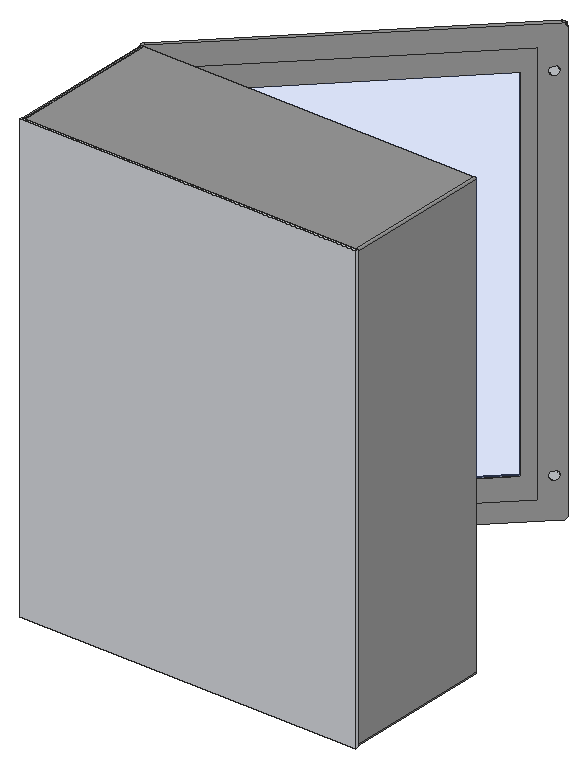
Revit family "Building-ContenitoriParete-GEWISS-46QP-QUADRI-POLIESTERE_PORTA_OBLO_IP66", category Attrezzatura elettrica, host Muro, Revit 2016
Family settings
  Host = Muro
  Configurazione quadro = Due colonne, circuiti in orizzontale
  Tipo di parte = Pannello comandi
  Quota connettore circolare = Usa diametro
  Numero OmniClass = 23.80.30.11.17
  Titolo OmniClass = Distribution Boards and Control Panels
  Sempre verticale = Sì
  Taglio con vuoti quando caricato = No
  Condiviso = No
  Punto di calcolo locali = Sì
Parameters (values of type "GW46207F - QUADRO QP POLIEST.TRASP 800X1060X350 IP66")
  Voltaggio = no
  Voltage = 0 V
  Vista di pianta [instance] = yes
  Vetro = GEWISS - VETRO
  Versione file RFA = "18.0"
  URL = "https://www.gewiss.com/it/it"
  Tipologia porta = "Porta trasparente"
  Tipo Materiale = "Halogen free secondo norma EN 60754-2"
  Termopressione con biglia = "200 °C"
  Tensione nominale massima di impiego (Ue) = "690V"
  Tensione nominale di isolamento (Ui) = "1000 V"
  Tensione di isolamento: = "1000 V secondo EN 62208 sia in ac che in dc"
  Tensione di isolamento = "1000V"
  Temperatura di impiego = "-25 +60 °C"
  Struttura quadro = GEWISS - GRIGIO RAL 7035
  Staffe per fissaggio a parete = "GW46446-GW46451"
  Sportello visibile [instance] = yes
  Spessore quadro = 350 mm
  Simbolo [instance] = yes
  Scheda Tecnica = "https://www.gewiss.com/it/it/search?q=GW46207F"
  SEO = "Quadro"
  Resistenza agli urti = "Cassa IK10"
  Produttore = "GEWISS S.p.A."
  Potenza dissipabile B (W) = "226"
  Potenza dissipabile A (W) = "324"
  Potenza dissipabile (W) = "226"
  Pannello = GEWISS - GRIGIO RAL 7035
  Offset etichetta nome quadro [instance] = 1330.318 mm
  Numero poli = 1
  Normativa = "EN 61439-1, EN 61439-2, EN62208, EN 60670-1, IEC 60670-24"
  N. serrature = "2"
  N. mod. EN 50022: = "180 (36x5)"
  N. mod. EN 50022 = "180 (36x5)"
  Modello = "GW46207F"
  Materiale = "Poliestere rinforzato con fibra di vetro"
  Larghezza quadro = 800 mm
  Kit per ripristino doppio isolamento = "GW46526"
  Immagine tipo = 46 OBLò.JPG
  IFC.TypeObject = ""
  IFC.ExportType = ""
  IFC.ExportAs = ""
  IDT = "7e35b214-ea7b-432e-a143-ac9dd760c749"
  IDF = "4dc2b077-9336-4418-8e2b-bff797ed948e"
  H_quadro = 1060 mm
  H_da terra [instance] = 500 mm
  Grado di protezione = "IP66"
  Glow Wire Test = "650°C"
  GEWISS SCHEDA TECNICA = "http://pro.gewiss.com/irj/portal/?NavigationTarget=pcd:portal_content/com.gewiss.ZPPFDMain/com.gewiss.ZPPFDITMain/com.gewiss.ZPPFDITMainDefault/com.gewiss.ZPPFDITPages/com.gewiss.ZPPFDITPagesAP/com.gewiss.ZPPFDITPagesAPCatalogo/com.gewiss.ZPPPDITAPProductDetail&codProd=GW46207"
  GW - NOME QUADRO [instance] = "NOME QUADRO"
  GEWISS - GUAINA = GEWISS - GUAINA
  Fast & Easy = "Si"
  Famiglia = "46 QP"
  Etichetta nome quadro [instance] = yes
  Distanza_fori = 100 mm
  Distanza orizzontale del simbolo [instance] = 947.222 mm
  Distanza dal muro [instance] = 4.208 mm
  Dim. nominali BxHxP (mm) = "800x1060x350"
  Dim. funzionali BxHxP (mm) = "783x1066x350"
  Dettaglio = DETTAGLIO QUADRI IN POLIESTERE OBLO : GW46207
  Descrizione = "QUADRO QP POLIEST.TRASP 800X1060X350 IP66"
  Creato da GEWISS S.p.A. = ""
  Cornice simbolo [instance] = yes
  Colore = "Grigio RAL 7035"
  Codice Electrocod = "0321"
  Codice EAN = "8011564854840"
  Classificazione carico = Altro
  Classificazione = no
  Classe isolamento = "II"
  Catalogo Serie = "46 QP"
  Catalogo = "BUILDING"
  Carico apparente = no
  Carico Apparente = 0 VA
  Caratteristiche = "Resistenza UV (EN 62208)"
  COBie.Tagnumber = ""
  COBie.CreatedOn = ""
  COBie.CreatebBy = ""
  COBie.ComponentRegisterItemID = ""
  COBie.Component.TagNumber = ""
  COBie.Component.Space = ""
  COBie.Component.SerialNumber = ""
  COBie.Component.InstallationDate = ""
  COBie.Component.Description = ""
  COBie.Component.BarCode = ""
  Apertura quadro [instance] = 45.00°
  Angolo di apertura reale [instance] = if(Apertura quadro < 0.00°, 0.00°, if(Apertura quadro > 180.00°, 180.00°, Apertura quadro))  # 45.00°
Reference planes
  plane 1 "Muro": y = 0
  plane 2 "Centro (Sinistra/Destra)": x = 125
  plane 3 "Indietro": y = 75
  plane 4 "SX": x = 0
  plane 5 "DX": x = 800
  plane 6: y = 431
  plane 7 "Base quadro": z = 500
  plane 8: z = 1560
  plane 9: y = 81
  plane 10: z = 1510
  plane 11: z = 550
  plane 12: z = 1030
  plane 13: x = -822.222
  plane 14: y = 1405.318
Forms (mm)
  Extrusion 1, solid, material "GEWISS - GRIGIO RAL 7035" <- "Struttura quadro"
    sketch origin (0, 0, 0) x (1, 0, 0) y (0, 0, 1)
      loop
        line (795.201, 1560) -> (4.799, 1560)
        arc (4.799, 1560) -> (1.406, 1558.594) -> (0, 1555.201) r 4.799
        line (0, 1555.201) -> (0, 504.799)
        arc (0, 504.799) -> (1.405, 501.405) -> (4.799, 500) r 4.799
        line (4.799, 500) -> (795.201, 500)
        arc (795.201, 500) -> (798.594, 501.406) -> (800, 504.799) r 4.799
        line (800, 504.799) -> (800, 1555.201)
        arc (800, 1555.201) -> (798.594, 1558.594) -> (795.201, 1560) r 4.799
      loop
        line (795.201, 1556) -> (4.799, 1556)
        arc (4.799, 1556) -> (4.234, 1555.766) -> (4, 1555.201) r 0.799
        line (4, 1555.201) -> (4, 504.799)
        arc (4, 504.799) -> (4.234, 504.234) -> (4.799, 504) r 0.799
        line (4.799, 504) -> (795.201, 504)
        arc (795.201, 504) -> (795.766, 504.234) -> (796, 504.799) r 0.799
        line (796, 504.799) -> (796, 1555.201)
        arc (796, 1555.201) -> (795.766, 1555.766) -> (795.201, 1556) r 0.799
    from -431 to -81
  Extrusion 2, solid
    sketch origin (0, 0, 0) x (1, 0, 0) y (0, 0, 1)
      loop
        line (800, 1560) -> (0, 1560) -> (0, 500) -> (800, 500) -> (800, 1560)
    from -81 to -75
Lines and regions (mm)
  Masking region 1, visible <- "Vista di pianta"
    outline origin (0, 431, 0) x (0.707107, 0.707107, 0) y (-0.707107, 0.707107, 0)
      loop
        line (0, 0) -> (-251.73, -251.73) -> (313.955, -817.415) -> (565.685, -565.685) -> (0, 0)
  Masking region 2
    outline origin (125, 0, 0) x (0, 1, 0) y (0, 0, 1)
      loop
        line (75, 500) -> (431, 500) -> (431, 1560) -> (75, 1560) -> (75, 500)
  reference lines
    curve 1: line (0, 431, 0) -> (282.843, 713.843, 0)
Text (mm)
  text "Lato posizionamento" at (-2540.362, 1733.729, 0), in view "Livello rif."
  text "Lato posizionamento" at (0, 1409.804, 2854.306), in view "Sinistra"
  text "Lato posizionamento" at (0, 499.811, 2980.732), in view "Destra"
Dimensions and locks
  locked: plane 3 "Indietro" to host wall
  "H_da terra": level to plane 7 "Base quadro"
  "H_quadro": plane 7 "Base quadro" to plane 8
  locked: Extrusion 1 sketch curve to Extrusion 1 sketch curve at 4  (x4)
  locked: plane 9 to host wall at 6
  "Spessore quadro": plane 6 to plane 9
  locked: plane 10 to plane 8 at 50
  locked: plane 7 "Base quadro" to plane 11 at 50
  equal spacing: plane 7 "Base quadro", plane 12, plane 8
  "Larghezza quadro": plane 4 "SX" to plane 5 "DX"
  "Distanza orizzontale del simbolo": plane 13 to plane 2 "Centro (Sinistra/Destra)"
  "Offset etichetta nome quadro": plane 14 to plane 3 "Indietro"
  "Apertura quadro": angle plane 6 to curve 1
  aligned and locked: plane 1 "Muro" to host wall
  aligned and locked: plane 8 to Extrusion 1 sketch curve
  aligned and locked: plane 5 "DX" to Extrusion 1 sketch curve
  aligned and locked: Extrusion 1 sketch curve to plane 4 "SX"
  aligned and locked: plane 6 to Extrusion 1
  aligned and locked: Extrusion 1 to plane 9
  aligned and locked: plane 4 "SX" to Extrusion 2 sketch curve
  aligned and locked: plane 7 "Base quadro" to Extrusion 2 sketch curve
  aligned and locked: Extrusion 2 sketch curve to plane 5 "DX"
  aligned and locked: Extrusion 2 sketch curve to plane 8
  aligned and locked: plane 9 to Extrusion 2
  aligned and locked: Extrusion 2 to host wall
  aligned and locked: plane 6 to curve 1
  aligned and locked: plane 7 "Base quadro" to Extrusion 1 sketch curve
  aligned and locked: plane 12 to nested 2
  aligned and locked: nested 2 to plane 5 "DX"
  aligned and locked: Masking region 1 sketch curve to plane 6
  aligned and locked: Masking region 1 sketch curve to plane 5 "DX"
  aligned and locked: plane 4 "SX" to Masking region 1 sketch curve
  aligned and locked: Masking region 1 sketch curve to plane 3 "Indietro"
  aligned and locked: plane 13 to nested 3
  aligned and locked: plane 14 to nested 4
  aligned and locked: Masking region 2 sketch curve to Extrusion 2  (x2)
  aligned and locked: Masking region 2 sketch curve to Extrusion 1  (x2)
Automatic sketch dimensions
  Extrusion 1 sketch curve to Extrusion 1 sketch curve = 0 mm  (x6)
  Extrusion 1 sketch curve to Extrusion 1 sketch curve = 0.799 mm  (x4)
  curve 1 to plane 4 "SX" = 0 mm
Nested families
  nested 1: "GEWISS - Pannello OBLO'" at (88.416, 519.416, 0) x (0.7071, 0.7071, 0) z (0, 0, 1), visible <- "Sportello visibile", type "GEWISS - Pannello OBLO'"
    with Larghezza pannello 800 mm, H_pannello 1060 mm
  nested 2: "DETTAGLIO QUADRI IN POLIESTERE OBLO" at (800, 0, 1030) x (-1, 0, 0) z (0, -1, 0), type <- "Dettaglio", type "GW46207"
  nested 3: "QUADRILAN" at (-822.222, 75, 0), Distanza dal muro <- "Distanza dal muro", BORDO ACCESO <- "Cornice simbolo", SIMBOLO ACCESO <- "Simbolo", type "QUADRILAN"
    with SIMBOLO ACCESO yes, Distanza dal muro 4.208 mm, BORDO ACCESO yes
  nested 4: "NOME QUADRO" at (316.741, 1405.318, 0), TXT <- "GW - NOME QUADRO", visible <- "Etichetta nome quadro", type "NOME QUADRO"
    with TXT "NOME QUADRO"
Connectors
  electrical at (400, 253, 0), driven by "Numero poli", driven by "Classificazione carico", driven by "Voltage", driven by "Carico Apparente"
    settings: on Masking region 1, index 1, voltage 0 V, apparent load 0 VA, apparent load phase1 0 VA, apparent load phase2 0 VA, apparent load phase3 0 VA, power factor 1, load classification "Altro", number of poles 1, system type 31, power factor state 1, is connector primary yes, connector utility no, sub classification motor no, connector description ""
Definition of nested family "GEWISS - Pannello OBLO'"
  Parameters (values of type "GEWISS - Pannello OBLO'")
    Vetro = none
    Default Elevation = 1219.2 mm
    Pannello = none
    Larghezza pannello = 585 mm
    H_pannello = 800 mm
    H_da terra = 500 mm
    Guaina = none
  Reference planes
    plane 1 "Centro (Fronte/Retro)": y = 0
    plane 2: z = 0
    plane 3 "Centro (Sinistra/Destra)": x = 0
    plane 4: x = -125
    plane 5: x = 460
    plane 6: y = 8
    plane 7: z = 1300
    plane 8: z = 1198.581
    plane 9: z = 596.581
    plane 10: x = 435
    plane 11: z = 500
    plane 12: x = -69.978
    plane 13: x = 402.022
    plane 14: z = 1248.581
    plane 15: z = 546.581
    plane 16: x = 372.022
    plane 17: x = -39.978
  Forms (mm)
    Extrusion 1, void
      sketch origin (0, 0, 0) x (1, 0, 0) y (0, 0, 1)
        loop
          circle (435, 1198.581) r 10
        loop
          circle (435, 596.581) r 10
      from -8 to 0
    Extrusion 2, solid, material <- "Pannello"
      sketch origin (0, 0, 0) x (1, 0, 0) y (0, 0, 1)
        loop
          arc (-115.38, 1300) -> (-121.899, 1297.384) -> (-125, 1291.081) r 9.814
          line (-125, 1291.081) -> (-125, 509.562)
          arc (-125, 509.562) -> (-122.127, 502.852) -> (-115.407, 500) r 9.781
          line (-115.407, 500) -> (450.415, 500)
          arc (450.415, 500) -> (457.129, 502.852) -> (460, 509.557) r 9.777
          line (460, 509.557) -> (460, 1290.935)
          arc (460, 1290.935) -> (456.943, 1297.334) -> (450.373, 1300) r 9.809
          line (450.373, 1300) -> (-115.38, 1300)
        loop
          line (-69.978, 546.581) -> (402.022, 546.581) -> (402.022, 1248.581) -> (-69.978, 1248.581) -> (-69.978, 546.581)
      from -8 to 0
    Extrusion 3, solid
      sketch origin (0, 0, 0) x (1, 0, 0) y (0, 0, 1)
        loop
          circle (435, 1198.581) r 10
        loop
          circle (435, 596.581) r 10
      from -11.061 to 0
    Extrusion 4, solid, material <- "Vetro"
      sketch origin (0, 0, 0) x (1, 0, 0) y (0, 0, 1)
        loop
          line (-39.978, 596.581) -> (372.022, 596.581) -> (372.022, 1198.581) -> (-39.978, 1198.581) -> (-39.978, 596.581)
      from -8 to 0
    Extrusion 5, solid, material <- "Guaina"
      sketch origin (0, 0, 0) x (1, 0, 0) y (0, 0, 1)
        loop
          line (-69.978, 1248.581) -> (-69.978, 546.581) -> (402.022, 546.581) -> (402.022, 1248.581) -> (-69.978, 1248.581)
        loop
          line (-39.978, 1198.581) -> (-39.978, 596.581) -> (372.022, 596.581) -> (372.022, 1198.581) -> (-39.978, 1198.581)
      from -8 to 0
  Cuts and joins
    Extrusion 1 cuts Extrusion 2
  Dimensions and locks
    locked: plane 1 "Centro (Fronte/Retro)" to plane 6 at 8
    locked: plane 5 to plane 10 at 25
    "H_pannello": plane 7 to plane 11
    "H_da terra": plane 11 to plane 2
    "Larghezza pannello": plane 4 to plane 5
    locked: plane 7 to plane 14 at 51.419
    locked: plane 15 to plane 11 at 46.581
    locked: plane 12 to plane 4 at 55.022
    locked: plane 5 to plane 13 at 57.978
    locked: Extrusion 3 to plane 6 at 3.061
    plane 14 to plane 8 = 50 mm
    locked: plane 17 to plane 12 at 30
    locked: plane 13 to plane 16 at 30
    locked: plane 9 to plane 15 at 50
    aligned and locked: level to plane 2
    aligned and locked: plane 8 to Extrusion 1 sketch curve
    aligned and locked: plane 10 to Extrusion 1 sketch curve  (x2)
    aligned and locked: plane 9 to Extrusion 1 sketch curve
    aligned and locked: plane 6 to Extrusion 1
    aligned and locked: plane 1 "Centro (Fronte/Retro)" to Extrusion 1
    aligned and locked: Extrusion 2 sketch curve to plane 4
    aligned and locked: Extrusion 2 sketch curve to plane 7
    aligned and locked: Extrusion 2 sketch curve to plane 5
    aligned and locked: Extrusion 2 sketch curve to plane 11
    aligned and locked: plane 6 to Extrusion 2
    aligned and locked: plane 1 "Centro (Fronte/Retro)" to Extrusion 2
    aligned and locked: plane 12 to Extrusion 2
    aligned and locked: Extrusion 2 to plane 13
    aligned and locked: Extrusion 2 to plane 14
    aligned and locked: Extrusion 2 to plane 15
    aligned and locked: plane 8 to Extrusion 3 sketch curve
    aligned and locked: plane 10 to Extrusion 3 sketch curve  (x2)
    aligned and locked: plane 9 to Extrusion 3 sketch curve
    aligned and locked: plane 1 "Centro (Fronte/Retro)" to Extrusion 3
    aligned and locked: plane 6 to Extrusion 4
    aligned and locked: plane 1 "Centro (Fronte/Retro)" to Extrusion 4
    aligned and locked: Extrusion 5 sketch curve to cut or joined group of Extrusion 1, Extrusion 2  (x4)
    aligned and locked: Extrusion 5 sketch curve to plane 8
    aligned and locked: plane 17 to Extrusion 5 sketch curve
    aligned and locked: plane 9 to Extrusion 5 sketch curve
    aligned and locked: Extrusion 5 sketch curve to plane 16
    aligned and locked: plane 6 to Extrusion 5
    aligned and locked: plane 1 "Centro (Fronte/Retro)" to Extrusion 5
    aligned and locked: plane 17 to Extrusion 4 sketch curve
    aligned and locked: plane 9 to Extrusion 4 sketch curve
    aligned and locked: Extrusion 4 sketch curve to plane 16
    aligned and locked: Extrusion 4 sketch curve to plane 8
  Automatic sketch dimensions
    plane 4 to Extrusion 2 sketch curve = 9.593 mm
    plane 4 to Extrusion 2 sketch curve = 9.62 mm
    plane 4 to Extrusion 2 sketch curve = 9.773 mm
    plane 4 to Extrusion 2 sketch curve = 9.779 mm
    Extrusion 2 sketch curve to plane 5 = 9.781 mm
    Extrusion 2 sketch curve to plane 5 = 9.774 mm
    Extrusion 2 sketch curve to plane 5 = 9.627 mm
    Extrusion 2 sketch curve to plane 5 = 9.585 mm
    plane 11 to Extrusion 2 sketch curve = 9.557 mm
    plane 11 to Extrusion 2 sketch curve = 9.562 mm
    Extrusion 2 sketch curve to Extrusion 2 sketch curve = 9.812 mm
    Extrusion 2 sketch curve to Extrusion 2 sketch curve = 9.808 mm
    Extrusion 2 sketch curve to plane 14 = 0 mm
    Extrusion 2 sketch curve to plane 12 = 0 mm
    Extrusion 2 sketch curve to plane 13 = 0 mm
    Extrusion 2 sketch curve to plane 15 = 0 mm
    radius of Extrusion 1 sketch curve = 10 mm  (x2)
    radius of Extrusion 3 sketch curve = 10 mm  (x2)
Definition of nested family "DETTAGLIO QUADRI IN POLIESTERE OBLO"
  Parameters (values of type "GW46207")
    gw46202 = no
    GW46207 = yes
    GW46206 = no
    GW46205 = no
    GW46204 = no
    GW46203 = no
    GW46201 = no
  Types (7, lengths in mm): name | gw46202 | GW46207 | GW46206 | GW46205 | GW46204 | GW46203 | GW46201
    GW46201 | no | no | no | no | no | no | yes
    GW46202 | yes | no | no | no | no | no | no
    GW46203 | no | no | no | no | no | yes | no
    GW46204 | no | no | no | no | yes | no | no
    GW46205 | no | no | no | yes | no | no | no
    GW46206 | no | no | yes | no | no | no | no
    GW46207 | no | yes | no | no | no | no | no
  Reference planes
    plane 1 "Centro (Fronte/Retro)": y = 0
    plane 2: z = 0
    plane 3 "Centro (Sinistra/Destra)": x = 0
  Lines and regions (mm)
    detail lines, in view "Livello rif.", visible <- "gw46202"
      curve 1: line (313, -201.674, 0) -> (0, -201.674, 0)
      curve 2: line (0, -201.674, 0) -> (0, 201.674, 0)
      curve 3: line (0, 201.674, 0) -> (313, 201.674, 0)
      curve 4: line (313, 201.674, 0) -> (313, -201.674, 0)
      curve 5: line (313, -201.674, 0) -> (312.445, -205.793, 0)
      curve 6: line (312.445, -205.793, 0) -> (310.251, -209.251, 0)
      curve 7: line (310.251, -209.251, 0) -> (307.455, -211.178, 0)
      curve 8: line (307.455, -211.178, 0) -> (303.613, -212, 0)
      curve 9: line (303.613, -212, 0) -> (9.387, -212, 0)
      curve 10: line (313, 201.674, 0) -> (312.498, 205.7, 0)
      curve 11: line (312.498, 205.7, 0) -> (310.581, 208.905, 0)
      curve 12: line (310.581, 208.905, 0) -> (307.644, 211.084, 0)
      curve 13: line (307.644, 211.084, 0) -> (303.613, 212, 0)
      curve 14: line (303.613, 212, 0) -> (9.387, 212, 0)
      curve 15: line (9.387, 212, 0) -> (5.579, 211.187, 0)
      curve 16: line (5.579, 211.187, 0) -> (2.419, 208.905, 0)
      curve 17: line (2.419, 208.905, 0) -> (0.553, 205.839, 0)
      curve 18: line (0.553, 205.839, 0) -> (0, 201.674, 0)
      curve 19: line (0, -201.674, 0) -> (0.586, -205.878, 0)
      curve 20: line (0.586, -205.878, 0) -> (2.749, -209.251, 0)
      curve 21: line (2.749, -209.251, 0) -> (6.045, -211.385, 0)
      curve 22: line (6.045, -211.385, 0) -> (9.387, -212, 0)
      curve 23: line (112.177, 58.713, 0) -> (151.991, 102.249, 0)
      curve 24: line (115.336, 83.576, 0) -> (142.67, 113.464, 0)
      curve 25: line (98.227, 86.613, 0) -> (142.837, 135.393, 0)
      curve 26: line (165.333, -108.097, 0) -> (209.943, -59.317, 0)
      curve 27: line (179.283, -135.997, 0) -> (219.097, -92.46, 0)
      curve 28: line (182.442, -111.134, 0) -> (209.776, -81.245, 0)
      curve 29: line (110.549, -152.145, 0) -> (204.451, -152.145, 0)
      curve 30: line (241.493, -120.742, 0) -> (242, -114.596, 0)
      curve 31: line (242, -114.596, 0) -> (242, 120.306, 0)
      curve 32: line (204.451, 157.855, 0) -> (110.549, 157.855, 0)
      curve 33: line (73, 120.306, 0) -> (73, -114.596, 0)
      curve 34: arc (204.451, 157.855, 0) -> (231.002, 146.857, 0) -> (242, 120.306, 0) r 37.549
      curve 35: arc (110.549, 157.855, 0) -> (83.998, 146.857, 0) -> (73, 120.306, 0) r 37.549
      curve 36: arc (204.451, -152.145, 0) -> (231.002, -141.147, 0) -> (242, -114.596, 0) r 37.549
      curve 37: arc (110.549, -152.145, 0) -> (83.998, -141.147, 0) -> (73, -114.596, 0) r 37.549
      curve 42: line (156.5, -243.487, 0) -> (156.5, 245.423, 0)
      curve 43: line (0, 0, 0) -> (338.141, 0, 0)
    detail lines, in view "Livello rif.", visible <- "gw46202", detail levels medium+fine
      curve 38: circle (270.661, 110.653, 0) r 15.964 normal (0, 0, 1)
      curve 39: circle (270.661, 110.653, 0) r 7.802 normal (0, 0, 1)
      curve 40: circle (270.661, -123.146, 0) r 15.964 normal (0, 0, 1)
      curve 41: circle (270.661, -123.146, 0) r 7.802 normal (0, 0, 1)
    detail lines, in view "Livello rif.", visible <- "gw46202", not visible
      curve 44: line (893.732, -1238.492, 0) -> (580.732, -1238.492, 0)
      curve 45: line (580.732, -1238.492, 0) -> (580.732, -835.144, 0)
      curve 46: line (580.732, -835.144, 0) -> (893.732, -835.144, 0)
      curve 47: line (893.732, -835.144, 0) -> (893.732, -1238.492, 0)
      curve 48: line (893.732, -1238.492, 0) -> (893.176, -1242.611, 0)
      curve 49: line (893.176, -1242.611, 0) -> (890.982, -1246.068, 0)
      curve 50: line (890.982, -1246.068, 0) -> (888.187, -1247.995, 0)
      curve 51: line (888.187, -1247.995, 0) -> (884.344, -1248.818, 0)
      curve 52: line (884.344, -1248.818, 0) -> (590.119, -1248.818, 0)
      curve 53: line (893.732, -835.144, 0) -> (893.23, -831.118, 0)
      curve 54: line (893.23, -831.118, 0) -> (891.313, -827.913, 0)
      curve 55: line (891.313, -827.913, 0) -> (888.376, -825.734, 0)
      curve 56: line (888.376, -825.734, 0) -> (884.344, -824.818, 0)
      curve 57: line (884.344, -824.818, 0) -> (590.119, -824.818, 0)
      curve 58: line (590.119, -824.818, 0) -> (586.311, -825.631, 0)
      curve 59: line (586.311, -825.631, 0) -> (583.15, -827.913, 0)
      curve 60: line (583.15, -827.913, 0) -> (581.284, -830.978, 0)
      curve 61: line (581.284, -830.978, 0) -> (580.732, -835.144, 0)
      curve 62: line (580.732, -1238.492, 0) -> (581.318, -1242.695, 0)
      curve 63: line (581.318, -1242.695, 0) -> (583.481, -1246.068, 0)
      curve 64: line (583.481, -1246.068, 0) -> (586.776, -1248.202, 0)
      curve 65: line (586.776, -1248.202, 0) -> (590.119, -1248.818, 0)
      curve 66: line (692.909, -978.105, 0) -> (732.723, -934.569, 0)
      curve 67: line (696.068, -953.242, 0) -> (723.401, -923.354, 0)
      curve 68: line (678.959, -950.205, 0) -> (723.569, -901.425, 0)
      curve 69: line (746.064, -1144.914, 0) -> (790.674, -1096.134, 0)
      curve 70: line (760.014, -1172.814, 0) -> (799.829, -1129.278, 0)
      curve 71: line (763.174, -1147.951, 0) -> (790.507, -1118.063, 0)
      curve 72: line (691.281, -1188.963, 0) -> (785.182, -1188.963, 0)
      curve 73: line (822.225, -1157.56, 0) -> (822.732, -1151.413, 0)
      curve 74: line (822.732, -1151.413, 0) -> (822.732, -916.512, 0)
      curve 75: line (785.182, -878.963, 0) -> (691.281, -878.963, 0)
      curve 76: line (653.732, -916.512, 0) -> (653.732, -1151.413, 0)
      curve 77: arc (785.182, -878.963, 0) -> (811.734, -889.961, 0) -> (822.732, -916.512, 0) r 37.549
      curve 78: arc (691.281, -878.963, 0) -> (664.729, -889.961, 0) -> (653.732, -916.512, 0) r 37.549
      curve 79: arc (785.182, -1188.963, 0) -> (811.734, -1177.965, 0) -> (822.732, -1151.413, 0) r 37.549
      curve 80: arc (691.281, -1188.963, 0) -> (664.729, -1177.965, 0) -> (653.732, -1151.413, 0) r 37.549
      curve 85: line (737.232, -1280.304, 0) -> (737.232, -791.394, 0)
      curve 86: line (580.732, -1036.818, 0) -> (918.873, -1036.818, 0)
    detail lines, in view "Livello rif.", visible <- "gw46202", not visible, detail levels medium+fine
      curve 81: circle (851.392, -926.165, 0) r 15.964 normal (0, 0, 1)
      curve 82: circle (851.392, -926.165, 0) r 7.802 normal (0, 0, 1)
      curve 83: circle (851.392, -1159.963, 0) r 15.964 normal (0, 0, 1)
      curve 84: circle (851.392, -1159.963, 0) r 7.802 normal (0, 0, 1)
    detail lines, in view "Livello rif.", visible <- "GW46203"
      curve 87: line (405, 239.674, 0) -> (404.624, 243.242, 0)
      curve 88: line (404.624, 243.242, 0) -> (402.745, 246.717, 0)
      curve 89: line (402.745, 246.717, 0) -> (400.221, 248.791, 0)
      curve 90: line (400.221, 248.791, 0) -> (395.613, 250, 0)
      curve 91: line (395.613, 250, 0) -> (9.387, 250, 0)
      curve 92: line (9.387, 250, 0) -> (5.88, 249.32, 0)
      curve 93: line (5.88, 249.32, 0) -> (2.402, 246.884, 0)
      curve 94: line (2.402, 246.884, 0) -> (0.356, 243.173, 0)
      curve 95: line (0.356, 243.173, 0) -> (0, 239.674, 0)
      curve 96: line (0, -239.674, 0) -> (0.461, -243.518, 0)
      curve 97: line (0.461, -243.518, 0) -> (2.444, -246.931, 0)
      curve 98: line (2.444, -246.931, 0) -> (5.642, -249.221, 0)
      curve 99: line (5.642, -249.221, 0) -> (9.387, -250, 0)
      curve 100: line (9.387, -250, 0) -> (395.613, -250, 0)
      curve 101: line (395.613, -250, 0) -> (399.412, -249.197, 0)
      curve 102: line (399.412, -249.197, 0) -> (402.688, -246.782, 0)
      curve 103: line (402.688, -246.782, 0) -> (404.672, -243.071, 0)
      curve 104: line (404.672, -243.071, 0) -> (405, -239.674, 0)
      curve 105: line (405, -239.674, 0) -> (0, -239.674, 0)
      curve 106: line (0, -239.674, 0) -> (0, 239.674, 0)
      curve 107: line (0, 239.674, 0) -> (405, 239.674, 0)
      curve 108: line (405, 239.674, 0) -> (405, -239.674, 0)
      curve 109: line (113.194, 73.699, 0) -> (156.989, 121.589, 0)
      curve 110: line (116.669, 101.048, 0) -> (146.735, 133.926, 0)
      curve 111: line (97.849, 104.389, 0) -> (146.92, 158.047, 0)
      curve 112: line (248.336, -129.619, 0) -> (297.407, -75.961, 0)
      curve 113: line (263.681, -160.309, 0) -> (307.477, -112.419, 0)
      curve 114: line (267.156, -132.96, 0) -> (297.223, -100.082, 0)
      curve 115: line (107.549, -177.145, 0) -> (296.451, -177.145, 0)
      curve 116: line (334, -139.596, 0) -> (334, 145.306, 0)
      curve 117: line (296.451, 182.855, 0) -> (107.549, 182.855, 0)
      curve 118: line (70, 145.306, 0) -> (70, -139.596, 0)
      curve 123: arc (296.451, 182.855, 0) -> (323.002, 171.857, 0) -> (334, 145.306, 0) r 37.549
      curve 124: arc (107.549, 182.855, 0) -> (80.998, 171.857, 0) -> (70, 145.306, 0) r 37.549
      curve 125: arc (296.451, -177.145, 0) -> (323.002, -166.147, 0) -> (334, -139.596, 0) r 37.549
      curve 126: arc (107.549, -177.145, 0) -> (80.998, -166.147, 0) -> (70, -139.596, 0) r 37.549
      curve 127: line (202.5, -290.191, 0) -> (202.5, 300.66, 0)
      curve 128: line (-28.734, 0, 0) -> (430.24, 0, 0)
    detail lines, in view "Livello rif.", visible <- "GW46203", detail levels medium+fine
      curve 119: circle (372.739, 130.344, 0) r 15.964 normal (0, 0, 1)
      curve 120: circle (372.739, 130.344, 0) r 7.802 normal (0, 0, 1)
      curve 121: circle (372.739, -153.884, 0) r 15.964 normal (0, 0, 1)
      curve 122: circle (372.739, -153.884, 0) r 7.802 normal (0, 0, 1)
    detail lines, in view "Livello rif.", visible <- "GW46203", not visible
      curve 129: line (1395.006, -330.855, 0) -> (1394.63, -327.287, 0)
      curve 130: line (1394.63, -327.287, 0) -> (1392.75, -323.812, 0)
      curve 131: line (1392.75, -323.812, 0) -> (1390.227, -321.738, 0)
      curve 132: line (1390.227, -321.738, 0) -> (1385.618, -320.529, 0)
      curve 133: line (1385.618, -320.529, 0) -> (999.393, -320.529, 0)
      curve 134: line (999.393, -320.529, 0) -> (995.886, -321.209, 0)
      curve 135: line (995.886, -321.209, 0) -> (992.408, -323.645, 0)
      curve 136: line (992.408, -323.645, 0) -> (990.362, -327.356, 0)
      curve 137: line (990.362, -327.356, 0) -> (990.006, -330.855, 0)
      curve 138: line (990.006, -810.203, 0) -> (990.467, -814.047, 0)
      curve 139: line (990.467, -814.047, 0) -> (992.45, -817.46, 0)
      curve 140: line (992.45, -817.46, 0) -> (995.648, -819.749, 0)
      curve 141: line (995.648, -819.749, 0) -> (999.393, -820.529, 0)
      curve 142: line (999.393, -820.529, 0) -> (1385.618, -820.529, 0)
      curve 143: line (1385.618, -820.529, 0) -> (1389.418, -819.725, 0)
      curve 144: line (1389.418, -819.725, 0) -> (1392.694, -817.311, 0)
      curve 145: line (1392.694, -817.311, 0) -> (1394.678, -813.6, 0)
      curve 146: line (1394.678, -813.6, 0) -> (1395.006, -810.203, 0)
      curve 147: line (1395.006, -810.203, 0) -> (990.006, -810.203, 0)
      curve 148: line (990.006, -810.203, 0) -> (990.006, -330.855, 0)
      curve 149: line (990.006, -330.855, 0) -> (1395.006, -330.855, 0)
      curve 150: line (1395.006, -330.855, 0) -> (1395.006, -810.203, 0)
      curve 151: line (1103.199, -496.83, 0) -> (1146.995, -448.94, 0)
      curve 152: line (1106.674, -469.481, 0) -> (1136.741, -436.603, 0)
      curve 153: line (1087.854, -466.14, 0) -> (1136.925, -412.482, 0)
      curve 154: line (1238.342, -700.148, 0) -> (1287.413, -646.49, 0)
      curve 155: line (1253.687, -730.838, 0) -> (1297.483, -682.948, 0)
      curve 156: line (1257.162, -703.489, 0) -> (1287.229, -670.611, 0)
      curve 157: line (1097.555, -747.674, 0) -> (1286.456, -747.674, 0)
      curve 158: line (1324.006, -710.124, 0) -> (1324.006, -425.223, 0)
      curve 159: line (1286.456, -387.674, 0) -> (1097.555, -387.674, 0)
      curve 160: line (1060.006, -425.223, 0) -> (1060.006, -710.124, 0)
      curve 165: arc (1286.456, -387.674, 0) -> (1313.008, -398.672, 0) -> (1324.006, -425.223, 0) r 37.549
      curve 166: arc (1097.555, -387.674, 0) -> (1071.004, -398.672, 0) -> (1060.006, -425.223, 0) r 37.549
      curve 167: arc (1286.456, -747.674, 0) -> (1313.008, -736.676, 0) -> (1324.006, -710.124, 0) r 37.549
      curve 168: arc (1097.555, -747.674, 0) -> (1071.004, -736.676, 0) -> (1060.006, -710.124, 0) r 37.549
      curve 169: line (1192.506, -860.72, 0) -> (1192.506, -269.868, 0)
      curve 170: line (961.272, -570.529, 0) -> (1420.246, -570.529, 0)
    detail lines, in view "Livello rif.", visible <- "GW46203", not visible, detail levels medium+fine
      curve 161: circle (1362.744, -440.185, 0) r 15.964 normal (0, 0, 1)
      curve 162: circle (1362.744, -440.185, 0) r 7.802 normal (0, 0, 1)
      curve 163: circle (1362.744, -724.412, 0) r 15.964 normal (0, 0, 1)
      curve 164: circle (1362.744, -724.412, 0) r 7.802 normal (0, 0, 1)
    detail lines, in view "Livello rif.", visible <- "GW46206"
      curve 171: line (9.387, -400, 0) -> (6.048, -399.386, 0)
      curve 172: line (6.048, -399.386, 0) -> (2.749, -397.251, 0)
      curve 173: line (2.749, -397.251, 0) -> (0.55, -393.778, 0)
      curve 174: line (0.55, -393.778, 0) -> (0, -389.674, 0)
      curve 175: line (0, -389.674, 0) -> (0, 389.674, 0)
      curve 176: line (0, 389.674, 0) -> (585, 389.674, 0)
      curve 177: line (585, 389.674, 0) -> (585, -389.674, 0)
      curve 178: line (585, -389.674, 0) -> (584.363, -394.011, 0)
      curve 179: line (584.363, -394.011, 0) -> (582.251, -397.251, 0)
      curve 180: line (582.251, -397.251, 0) -> (579.2, -399.288, 0)
      curve 181: line (579.2, -399.288, 0) -> (575.613, -400, 0)
      curve 182: line (575.613, -400, 0) -> (9.387, -400, 0)
      curve 183: line (585, -389.674, 0) -> (0, -389.674, 0)
      curve 184: line (0, 389.674, 0) -> (0.258, 393.694, 0)
      curve 185: line (0.258, 393.694, 0) -> (1.638, 396.924, 0)
      curve 186: line (1.638, 396.924, 0) -> (4.086, 399.008, 0)
      curve 187: line (4.086, 399.008, 0) -> (7.387, 400, 0)
      curve 188: line (7.387, 400, 0) -> (575.613, 400, 0)
      curve 189: line (575.613, 400, 0) -> (579.464, 399.173, 0)
      curve 190: line (579.464, 399.173, 0) -> (582.65, 396.825, 0)
      curve 191: line (582.65, 396.825, 0) -> (584.613, 393.279, 0)
      curve 192: line (584.613, 393.279, 0) -> (585, 389.674, 0)
      curve 193: line (136.825, 168.476, 0) -> (200.417, 238.012, 0)
      curve 194: line (141.871, 208.187, 0) -> (185.528, 255.925, 0)
      curve 195: line (114.544, 213.037, 0) -> (185.795, 290.949, 0)
      curve 196: line (388.533, -241.485, 0) -> (459.784, -163.573, 0)
      curve 197: line (410.814, -286.047, 0) -> (474.406, -216.511, 0)
      curve 198: line (415.86, -246.336, 0) -> (459.517, -198.598, 0)
      curve 199: line (514, 290.306, 0) -> (514, -284.596, 0)
      curve 200: line (476.451, -322.145, 0) -> (111.549, -322.145, 0)
      curve 201: line (74, -284.596, 0) -> (74, 290.306, 0)
      curve 202: line (111.549, 327.855, 0) -> (476.451, 327.855, 0)
      curve 207: arc (74, 290.306, 0) -> (84.998, 316.857, 0) -> (111.549, 327.855, 0) r 37.549
      curve 208: arc (514, 290.306, 0) -> (503.002, 316.857, 0) -> (476.451, 327.855, 0) r 37.549
      curve 209: arc (74, -284.596, 0) -> (84.998, -311.147, 0) -> (111.549, -322.145, 0) r 37.549
      curve 210: arc (476.451, -322.145, 0) -> (503.002, -311.147, 0) -> (514, -284.596, 0) r 37.549
      curve 211: line (291.5, -416.514, 0) -> (291.5, 460.97, 0)
      curve 212: line (-52.195, 0, 0) -> (641.137, 0, 0)
    detail lines, in view "Livello rif.", visible <- "GW46206", detail levels medium+fine
      curve 203: circle (552.105, 261.844, 0) r 15.964 normal (0, 0, 1)
      curve 204: circle (552.105, 261.844, 0) r 7.802 normal (0, 0, 1)
      curve 205: circle (552.105, -283.271, 0) r 15.964 normal (0, 0, 1)
      curve 206: circle (552.105, -283.271, 0) r 7.802 normal (0, 0, 1)
    detail lines, in view "Livello rif.", visible <- "GW46206", not visible
      curve 213: line (443.104, 61.181, 0) -> (439.765, 61.795, 0)
      curve 214: line (439.765, 61.795, 0) -> (436.466, 63.931, 0)
      curve 215: line (436.466, 63.931, 0) -> (434.267, 67.403, 0)
      curve 216: line (434.267, 67.403, 0) -> (433.717, 71.507, 0)
      curve 217: line (433.717, 71.507, 0) -> (433.717, 850.855, 0)
      curve 218: line (433.717, 850.855, 0) -> (1018.717, 850.855, 0)
      curve 219: line (1018.717, 850.855, 0) -> (1018.717, 71.507, 0)
      curve 220: line (1018.717, 71.507, 0) -> (1018.08, 67.17, 0)
      curve 221: line (1018.08, 67.17, 0) -> (1015.967, 63.931, 0)
      curve 222: line (1015.967, 63.931, 0) -> (1012.917, 61.894, 0)
      curve 223: line (1012.917, 61.894, 0) -> (1009.33, 61.181, 0)
      curve 224: line (1009.33, 61.181, 0) -> (443.104, 61.181, 0)
      curve 225: line (1018.717, 71.507, 0) -> (433.717, 71.507, 0)
      curve 226: line (433.717, 850.855, 0) -> (433.975, 854.875, 0)
      curve 227: line (433.975, 854.875, 0) -> (435.354, 858.106, 0)
      curve 228: line (435.354, 858.106, 0) -> (437.803, 860.189, 0)
      curve 229: line (437.803, 860.189, 0) -> (441.104, 861.181, 0)
      curve 230: line (441.104, 861.181, 0) -> (1009.33, 861.181, 0)
      curve 231: line (1009.33, 861.181, 0) -> (1013.181, 860.355, 0)
      curve 232: line (1013.181, 860.355, 0) -> (1016.367, 858.006, 0)
      curve 233: line (1016.367, 858.006, 0) -> (1018.33, 854.46, 0)
      curve 234: line (1018.33, 854.46, 0) -> (1018.717, 850.855, 0)
      curve 235: line (570.542, 629.657, 0) -> (634.134, 699.193, 0)
      curve 236: line (575.588, 669.368, 0) -> (619.245, 717.106, 0)
      curve 237: line (548.261, 674.219, 0) -> (619.512, 752.13, 0)
      curve 238: line (822.25, 219.696, 0) -> (893.501, 297.608, 0)
      curve 239: line (844.531, 175.134, 0) -> (908.123, 244.67, 0)
      curve 240: line (849.577, 214.846, 0) -> (893.234, 262.584, 0)
      curve 241: line (947.717, 751.487, 0) -> (947.717, 176.586, 0)
      curve 242: line (910.168, 139.036, 0) -> (545.266, 139.036, 0)
      curve 243: line (507.717, 176.586, 0) -> (507.717, 751.487, 0)
      curve 244: line (545.266, 789.036, 0) -> (910.168, 789.036, 0)
      curve 249: arc (507.717, 751.487, 0) -> (518.715, 778.038, 0) -> (545.266, 789.036, 0) r 37.549
      curve 250: arc (947.717, 751.487, 0) -> (936.719, 778.038, 0) -> (910.168, 789.036, 0) r 37.549
      curve 251: arc (507.717, 176.586, 0) -> (518.715, 150.034, 0) -> (545.266, 139.036, 0) r 37.549
      curve 252: arc (910.168, 139.036, 0) -> (936.719, 150.034, 0) -> (947.717, 176.586, 0) r 37.549
      curve 253: line (725.217, 44.667, 0) -> (725.217, 922.151, 0)
      curve 254: line (381.522, 461.181, 0) -> (1074.854, 461.181, 0)
    detail lines, in view "Livello rif.", visible <- "GW46206", not visible, detail levels medium+fine
      curve 245: circle (985.822, 723.025, 0) r 15.964 normal (0, 0, 1)
      curve 246: circle (985.822, 723.025, 0) r 7.802 normal (0, 0, 1)
      curve 247: circle (985.822, 177.911, 0) r 15.964 normal (0, 0, 1)
      curve 248: circle (985.822, 177.911, 0) r 7.802 normal (0, 0, 1)
    detail lines, in view "Livello rif.", visible <- "GW46204"
      curve 255: line (0, 315.143, 0) -> (0.43, 318.891, 0)
      curve 256: line (0.43, 318.891, 0) -> (2.223, 322.148, 0)
      curve 257: line (2.223, 322.148, 0) -> (5.127, 324.447, 0)
      curve 258: line (5.127, 324.447, 0) -> (9.387, 325.469, 0)
      curve 259: line (9.387, 325.469, 0) -> (395.613, 325.469, 0)
      curve 260: line (395.613, 325.469, 0) -> (399.873, 324.447, 0)
      curve 261: line (399.873, 324.447, 0) -> (402.777, 322.148, 0)
      curve 262: line (402.777, 322.148, 0) -> (404.57, 318.891, 0)
      curve 263: line (404.57, 318.891, 0) -> (405, 315.143, 0)
      curve 264: line (0, -315.143, 0) -> (0, 315.143, 0)
      curve 265: line (0, 315.143, 0) -> (405, 315.143, 0)
      curve 266: line (405, 315.143, 0) -> (405, -314.205, 0)
      curve 267: line (9.387, -324.531, 0) -> (395.613, -324.531, 0)
      curve 268: line (395.613, -324.531, 0) -> (399.392, -323.736, 0)
      curve 269: line (399.392, -323.736, 0) -> (402.413, -321.614, 0)
      curve 270: line (402.413, -321.614, 0) -> (404.332, -318.622, 0)
      curve 271: line (404.332, -318.622, 0) -> (405, -314.205, 0)
      curve 272: line (405, -314.205, 0) -> (0, -314.205, 0)
      curve 273: line (0, -314.205, 0) -> (0.534, -318.263, 0)
      curve 274: line (0.534, -318.263, 0) -> (2.237, -321.226, 0)
      curve 275: line (2.237, -321.226, 0) -> (5.939, -323.874, 0)
      curve 276: line (5.939, -323.874, 0) -> (9.387, -324.531, 0)
      curve 277: line (117.06, 137.56, 0) -> (165.235, 190.239, 0)
      curve 278: line (120.882, 167.644, 0) -> (153.956, 203.809, 0)
      curve 279: line (100.18, 171.319, 0) -> (154.158, 230.343, 0)
      curve 280: line (239.812, -199.722, 0) -> (293.79, -140.698, 0)
      curve 281: line (256.691, -233.481, 0) -> (304.867, -180.803, 0)
      curve 282: line (260.514, -203.397, 0) -> (293.587, -167.232, 0)
      curve 283: line (107.549, -252.145, 0) -> (296.451, -252.145, 0)
      curve 284: line (334, -214.596, 0) -> (334, 220.306, 0)
      curve 285: line (296.451, 257.855, 0) -> (107.549, 257.855, 0)
      curve 286: line (70, 220.306, 0) -> (70, -214.596, 0)
      curve 291: arc (70, 220.306, 0) -> (80.998, 246.857, 0) -> (107.549, 257.855, 0) r 37.549
      curve 292: arc (296.451, 257.855, 0) -> (323.002, 246.857, 0) -> (334, 220.306, 0) r 37.549
      curve 293: arc (107.549, -252.145, 0) -> (80.998, -241.147, 0) -> (70, -214.596, 0) r 37.549
      curve 294: arc (296.451, -252.145, 0) -> (323.002, -241.147, 0) -> (334, -214.596, 0) r 37.549
      curve 295: line (202.5, -361.286, 0) -> (202.5, 371.81, 0)
      curve 296: line (-8.741, 0, 0) -> (422.46, 0, 0)
    detail lines, in view "Livello rif.", visible <- "GW46204", detail levels medium+fine
      curve 287: circle (371.345, 208.384, 0) r 15.964 normal (0, 0, 1)
      curve 288: circle (371.345, 208.384, 0) r 7.802 normal (0, 0, 1)
      curve 289: circle (371.345, -221.616, 0) r 15.964 normal (0, 0, 1)
      curve 290: circle (371.345, -221.616, 0) r 7.802 normal (0, 0, 1)
    detail lines, in view "Livello rif.", visible <- "GW46204", not visible
      curve 297: line (-706.258, -208.125, 0) -> (-705.828, -204.376, 0)
      curve 298: line (-705.828, -204.376, 0) -> (-704.035, -201.12, 0)
      curve 299: line (-704.035, -201.12, 0) -> (-701.13, -198.821, 0)
      curve 300: line (-701.13, -198.821, 0) -> (-696.87, -197.798, 0)
      curve 301: line (-696.87, -197.798, 0) -> (-310.645, -197.798, 0)
      curve 302: line (-310.645, -197.798, 0) -> (-306.385, -198.821, 0)
      curve 303: line (-306.385, -198.821, 0) -> (-303.481, -201.12, 0)
      curve 304: line (-303.481, -201.12, 0) -> (-301.688, -204.376, 0)
      curve 305: line (-301.688, -204.376, 0) -> (-301.258, -208.125, 0)
      curve 306: line (-706.258, -838.411, 0) -> (-706.258, -208.125, 0)
      curve 307: line (-706.258, -208.125, 0) -> (-301.258, -208.125, 0)
      curve 308: line (-301.258, -208.125, 0) -> (-301.258, -837.472, 0)
      curve 309: line (-696.87, -847.798, 0) -> (-310.645, -847.798, 0)
      curve 310: line (-310.645, -847.798, 0) -> (-306.866, -847.004, 0)
      curve 311: line (-306.866, -847.004, 0) -> (-303.844, -844.882, 0)
      curve 312: line (-303.844, -844.882, 0) -> (-301.926, -841.89, 0)
      curve 313: line (-301.926, -841.89, 0) -> (-301.258, -837.472, 0)
      curve 314: line (-301.258, -837.472, 0) -> (-706.258, -837.472, 0)
      curve 315: line (-706.258, -837.472, 0) -> (-705.724, -841.531, 0)
      curve 316: line (-705.724, -841.531, 0) -> (-704.02, -844.494, 0)
      curve 317: line (-704.02, -844.494, 0) -> (-700.319, -847.142, 0)
      curve 318: line (-700.319, -847.142, 0) -> (-696.87, -847.798, 0)
      curve 319: line (-589.198, -385.708, 0) -> (-541.022, -333.029, 0)
      curve 320: line (-585.375, -355.624, 0) -> (-552.302, -319.458, 0)
      curve 321: line (-606.077, -351.949, 0) -> (-552.099, -292.925, 0)
      curve 322: line (-466.446, -722.99, 0) -> (-412.468, -663.966, 0)
      curve 323: line (-449.567, -756.749, 0) -> (-401.391, -704.07, 0)
      curve 324: line (-445.744, -726.665, 0) -> (-412.671, -690.5, 0)
      curve 325: line (-598.708, -775.413, 0) -> (-409.807, -775.413, 0)
      curve 326: line (-372.258, -737.863, 0) -> (-372.258, -302.962, 0)
      curve 327: line (-409.807, -265.413, 0) -> (-598.708, -265.413, 0)
      curve 328: line (-636.258, -302.962, 0) -> (-636.258, -737.863, 0)
      curve 333: arc (-636.258, -302.962, 0) -> (-625.26, -276.411, 0) -> (-598.708, -265.413, 0) r 37.549
      curve 334: arc (-409.807, -265.413, 0) -> (-383.256, -276.411, 0) -> (-372.258, -302.962, 0) r 37.549
      curve 335: arc (-598.708, -775.413, 0) -> (-625.26, -764.415, 0) -> (-636.258, -737.863, 0) r 37.549
      curve 336: arc (-409.807, -775.413, 0) -> (-383.256, -764.415, 0) -> (-372.258, -737.863, 0) r 37.549
      curve 337: line (-503.758, -884.554, 0) -> (-503.758, -151.458, 0)
      curve 338: line (-714.998, -523.268, 0) -> (-283.797, -523.268, 0)
    detail lines, in view "Livello rif.", visible <- "GW46204", not visible, detail levels medium+fine
      curve 329: circle (-334.913, -314.884, 0) r 15.964 normal (0, 0, 1)
      curve 330: circle (-334.913, -314.884, 0) r 7.802 normal (0, 0, 1)
      curve 331: circle (-334.913, -744.884, 0) r 15.964 normal (0, 0, 1)
      curve 332: circle (-334.913, -744.884, 0) r 7.802 normal (0, 0, 1)
    detail lines, in view "Livello rif.", visible <- "GW46207"
      curve 339: line (0, 519.674, 0) -> (0.169, 523.153, 0)
      curve 340: line (0.169, 523.153, 0) -> (1.413, 526.626, 0)
      curve 341: line (1.413, 526.626, 0) -> (3.998, 528.958, 0)
      curve 342: line (3.998, 528.958, 0) -> (7.387, 530, 0)
      curve 343: line (7.387, 530, 0) -> (790.613, 530, 0)
      curve 344: line (790.613, 530, 0) -> (794.651, 529.087, 0)
      curve 345: line (794.651, 529.087, 0) -> (797.672, 526.8, 0)
      curve 346: line (797.672, 526.8, 0) -> (799.618, 523.264, 0)
      curve 347: line (799.618, 523.264, 0) -> (800, 519.674, 0)
      curve 348: line (800, -519.674, 0) -> (800, 519.674, 0)
      curve 349: line (800, 519.674, 0) -> (0, 519.674, 0)
      curve 350: line (0, 519.674, 0) -> (0, -519.674, 0)
      curve 351: line (0, -519.674, 0) -> (0.446, -523.472, 0)
      curve 352: line (0.446, -523.472, 0) -> (2.749, -527.251, 0)
      curve 353: line (2.749, -527.251, 0) -> (6.079, -529.398, 0)
      curve 354: line (6.079, -529.398, 0) -> (9.387, -530, 0)
      curve 355: line (9.387, -530, 0) -> (790.613, -530, 0)
      curve 356: line (790.613, -530, 0) -> (794.335, -529.231, 0)
      curve 357: line (794.335, -529.231, 0) -> (797.251, -527.251, 0)
      curve 358: line (797.251, -527.251, 0) -> (799.364, -524.01, 0)
      curve 359: line (799.364, -524.01, 0) -> (800, -519.674, 0)
      curve 360: line (800, -519.674, 0) -> (0, -519.674, 0)
      curve 361: line (198.521, 225.552, 0) -> (274.831, 308.995, 0)
      curve 362: line (204.576, 273.205, 0) -> (256.965, 330.491, 0)
      curve 363: line (171.784, 279.026, 0) -> (257.285, 372.52, 0)
      curve 364: line (548.613, -313.198, 0) -> (634.115, -219.704, 0)
      curve 365: line (575.351, -366.672, 0) -> (651.66, -283.229, 0)
      curve 366: line (581.405, -319.019, 0) -> (633.794, -261.733, 0)
      curve 367: line (160.549, -410.645, 0) -> (662.451, -410.645, 0)
      curve 368: line (700, -373.096, 0) -> (700, 378.806, 0)
      curve 369: line (662.451, 416.355, 0) -> (160.549, 416.355, 0)
      curve 370: line (123, 378.806, 0) -> (123, -373.096, 0)
      curve 375: arc (123, 378.806, 0) -> (133.998, 405.357, 0) -> (160.549, 416.355, 0) r 37.549
      curve 376: arc (662.451, 416.355, 0) -> (689.002, 405.357, 0) -> (700, 378.806, 0) r 37.549
      curve 377: arc (160.549, -410.645, 0) -> (133.998, -399.647, 0) -> (123, -373.096, 0) r 37.549
      curve 378: arc (662.451, -410.645, 0) -> (689.002, -399.647, 0) -> (700, -373.096, 0) r 37.549
      curve 379: line (399, -600.937, 0) -> (399, 618.54, 0)
      curve 380: line (-83.389, 0, 0) -> (873.153, 0, 0)
    detail lines, in view "Livello rif.", visible <- "GW46207", detail levels medium+fine
      curve 371: circle (751.819, 344.886, 0) r 15.964 normal (0, 0, 1)
      curve 372: circle (751.819, 344.886, 0) r 7.802 normal (0, 0, 1)
      curve 373: circle (751.819, -385.114, 0) r 15.964 normal (0, 0, 1)
      curve 374: circle (751.819, -385.114, 0) r 7.802 normal (0, 0, 1)
    detail lines, in view "Livello rif.", visible <- "GW46207", not visible
      curve 381: line (-1931.716, 1215.748, 0) -> (-1931.547, 1219.227, 0)
      curve 382: line (-1931.547, 1219.227, 0) -> (-1930.303, 1222.7, 0)
      curve 383: line (-1930.303, 1222.7, 0) -> (-1927.719, 1225.032, 0)
      curve 384: line (-1927.719, 1225.032, 0) -> (-1924.329, 1226.074, 0)
      curve 385: line (-1924.329, 1226.074, 0) -> (-1141.104, 1226.074, 0)
      curve 386: line (-1141.104, 1226.074, 0) -> (-1137.065, 1225.161, 0)
      curve 387: line (-1137.065, 1225.161, 0) -> (-1134.044, 1222.875, 0)
      curve 388: line (-1134.044, 1222.875, 0) -> (-1132.099, 1219.338, 0)
      curve 389: line (-1132.099, 1219.338, 0) -> (-1131.716, 1215.748, 0)
      curve 390: line (-1131.716, 176.4, 0) -> (-1131.716, 1215.748, 0)
      curve 391: line (-1131.716, 1215.748, 0) -> (-1931.716, 1215.748, 0)
      curve 392: line (-1931.716, 1215.748, 0) -> (-1931.716, 176.4, 0)
      curve 393: line (-1931.716, 176.4, 0) -> (-1931.27, 172.603, 0)
      curve 394: line (-1931.27, 172.603, 0) -> (-1928.967, 168.824, 0)
      curve 395: line (-1928.967, 168.824, 0) -> (-1925.638, 166.677, 0)
      curve 396: line (-1925.638, 166.677, 0) -> (-1922.329, 166.074, 0)
      curve 397: line (-1922.329, 166.074, 0) -> (-1141.104, 166.074, 0)
      curve 398: line (-1141.104, 166.074, 0) -> (-1137.381, 166.844, 0)
      curve 399: line (-1137.381, 166.844, 0) -> (-1134.466, 168.824, 0)
      curve 400: line (-1134.466, 168.824, 0) -> (-1132.353, 172.064, 0)
      curve 401: line (-1132.353, 172.064, 0) -> (-1131.716, 176.4, 0)
      curve 402: line (-1131.716, 176.4, 0) -> (-1931.716, 176.4, 0)
      curve 403: line (-1733.195, 921.626, 0) -> (-1656.885, 1005.069, 0)
      curve 404: line (-1727.14, 969.28, 0) -> (-1674.752, 1026.565, 0)
      curve 405: line (-1759.932, 975.1, 0) -> (-1674.431, 1068.594, 0)
      curve 406: line (-1383.103, 382.876, 0) -> (-1297.602, 476.37, 0)
      curve 407: line (-1356.366, 329.402, 0) -> (-1280.056, 412.845, 0)
      curve 408: line (-1350.311, 377.055, 0) -> (-1297.922, 434.341, 0)
      curve 409: line (-1771.167, 285.429, 0) -> (-1269.266, 285.429, 0)
      curve 410: line (-1231.716, 322.979, 0) -> (-1231.716, 1074.88, 0)
      curve 411: line (-1269.266, 1112.429, 0) -> (-1771.167, 1112.429, 0)
      curve 412: line (-1808.716, 1074.88, 0) -> (-1808.716, 322.979, 0)
      curve 417: arc (-1808.716, 1074.88, 0) -> (-1797.718, 1101.431, 0) -> (-1771.167, 1112.429, 0) r 37.549
      curve 418: arc (-1269.266, 1112.429, 0) -> (-1242.714, 1101.431, 0) -> (-1231.716, 1074.88, 0) r 37.549
      curve 419: arc (-1771.167, 285.429, 0) -> (-1797.718, 296.427, 0) -> (-1808.716, 322.979, 0) r 37.549
      curve 420: arc (-1269.266, 285.429, 0) -> (-1242.714, 296.427, 0) -> (-1231.716, 322.979, 0) r 37.549
      curve 421: line (-1532.716, 95.137, 0) -> (-1532.716, 1314.615, 0)
      curve 422: line (-2015.106, 696.074, 0) -> (-1058.564, 696.074, 0)
    detail lines, in view "Livello rif.", visible <- "GW46207", not visible, detail levels medium+fine
      curve 413: circle (-1179.898, 1040.96, 0) r 15.964 normal (0, 0, 1)
      curve 414: circle (-1179.898, 1040.96, 0) r 7.802 normal (0, 0, 1)
      curve 415: circle (-1179.898, 310.96, 0) r 15.964 normal (0, 0, 1)
      curve 416: circle (-1179.898, 310.96, 0) r 7.802 normal (0, 0, 1)
    detail lines, in view "Livello rif.", visible <- "GW46201"
      curve 423: line (250, 140, 0) -> (249.243, 143.816, 0)
      curve 424: line (249.243, 143.816, 0) -> (247.071, 147.071, 0)
      curve 425: line (247.071, 147.071, 0) -> (243.862, 149.224, 0)
      curve 426: line (243.862, 149.224, 0) -> (240, 150, 0)
      curve 427: line (240, 150, 0) -> (10, 150, 0)
      curve 428: line (10, 150, 0) -> (6.49, 149.364, 0)
      curve 429: line (6.49, 149.364, 0) -> (2.929, 147.071, 0)
      curve 430: line (2.929, 147.071, 0) -> (0.827, 143.982, 0)
      curve 431: line (0.827, 143.982, 0) -> (0, 140, 0)
      curve 432: line (0, -140, 0) -> (0.818, -143.961, 0)
      curve 433: line (0.818, -143.961, 0) -> (2.929, -147.071, 0)
      curve 434: line (2.929, -147.071, 0) -> (6.192, -149.246, 0)
      curve 435: line (6.192, -149.246, 0) -> (10, -150, 0)
      curve 436: line (10, -150, 0) -> (240, -150, 0)
      curve 437: line (240, -150, 0) -> (244.202, -149.075, 0)
      curve 438: line (244.202, -149.075, 0) -> (247.071, -147.071, 0)
      curve 439: line (247.071, -147.071, 0) -> (249.073, -144.205, 0)
      curve 440: line (249.073, -144.205, 0) -> (250, -140, 0)
      curve 441: line (250, -140, 0) -> (250, 140, 0)
      curve 442: line (250, 140, 0) -> (0, 140, 0)
      curve 443: line (0, 140, 0) -> (0, -140, 0)
      curve 444: line (0, -140, 0) -> (250, -140, 0)
      curve 445: line (147.451, 101.488, 0) -> (82.549, 101.488, 0)
      curve 446: line (45, 63.938, 0) -> (45, -65.963, 0)
      curve 447: line (82.549, -103.512, 0) -> (147.451, -103.512, 0)
      curve 448: line (185, -65.963, 0) -> (185, 63.938, 0)
      curve 451: arc (45, 63.938, 0) -> (55.998, 90.49, 0) -> (82.549, 101.488, 0) r 37.549
      curve 452: arc (185, 63.938, 0) -> (174.002, 90.49, 0) -> (147.451, 101.488, 0) r 37.549
      curve 453: arc (45, -65.963, 0) -> (55.998, -92.514, 0) -> (82.549, -103.512, 0) r 37.549
      curve 454: arc (185, -65.963, 0) -> (174.002, -92.514, 0) -> (147.451, -103.512, 0) r 37.549
      curve 455: line (125, -172.756, 0) -> (125, 173.101, 0)
      curve 456: line (277.763, 0, 0) -> (-28.905, 0, 0)
    detail lines, in view "Livello rif.", visible <- "GW46201", detail levels medium+fine
      curve 449: circle (213.249, -1.809, 0) r 15.964 normal (0, 0, 1)
      curve 450: circle (213.249, -1.809, 0) r 7.802 normal (0, 0, 1)
    detail lines, in view "Livello rif.", visible <- "GW46201", not visible
      curve 457: line (-373.157, 773.542, 0) -> (-373.914, 777.358, 0)
      curve 458: line (-373.914, 777.358, 0) -> (-376.086, 780.613, 0)
      curve 459: line (-376.086, 780.613, 0) -> (-379.296, 782.767, 0)
      curve 460: line (-379.296, 782.767, 0) -> (-383.157, 783.542, 0)
      curve 461: line (-383.157, 783.542, 0) -> (-613.157, 783.542, 0)
      curve 462: line (-613.157, 783.542, 0) -> (-616.667, 782.906, 0)
      curve 463: line (-616.667, 782.906, 0) -> (-620.228, 780.613, 0)
      curve 464: line (-620.228, 780.613, 0) -> (-622.33, 777.525, 0)
      curve 465: line (-622.33, 777.525, 0) -> (-623.157, 773.542, 0)
      curve 466: line (-623.157, 493.542, 0) -> (-622.34, 489.582, 0)
      curve 467: line (-622.34, 489.582, 0) -> (-620.228, 486.471, 0)
      curve 468: line (-620.228, 486.471, 0) -> (-616.966, 484.296, 0)
      curve 469: line (-616.966, 484.296, 0) -> (-613.157, 483.542, 0)
      curve 470: line (-613.157, 483.542, 0) -> (-383.157, 483.542, 0)
      curve 471: line (-383.157, 483.542, 0) -> (-378.956, 484.468, 0)
      curve 472: line (-378.956, 484.468, 0) -> (-376.086, 486.471, 0)
      curve 473: line (-376.086, 486.471, 0) -> (-374.084, 489.338, 0)
      curve 474: line (-374.084, 489.338, 0) -> (-373.157, 493.542, 0)
      curve 475: line (-373.157, 493.542, 0) -> (-373.157, 773.542, 0)
      curve 476: line (-373.157, 773.542, 0) -> (-623.157, 773.542, 0)
      curve 477: line (-623.157, 773.542, 0) -> (-623.157, 493.542, 0)
      curve 478: line (-623.157, 493.542, 0) -> (-373.157, 493.542, 0)
      curve 479: line (-475.707, 735.03, 0) -> (-540.608, 735.03, 0)
      curve 480: line (-578.157, 697.481, 0) -> (-578.157, 567.579, 0)
      curve 481: line (-540.608, 530.03, 0) -> (-475.707, 530.03, 0)
      curve 482: line (-438.157, 567.579, 0) -> (-438.157, 697.481, 0)
      curve 485: arc (-578.157, 697.481, 0) -> (-567.159, 724.032, 0) -> (-540.608, 735.03, 0) r 37.549
      curve 486: arc (-438.157, 697.481, 0) -> (-449.155, 724.032, 0) -> (-475.707, 735.03, 0) r 37.549
      curve 487: arc (-578.157, 567.579, 0) -> (-567.159, 541.028, 0) -> (-540.608, 530.03, 0) r 37.549
      curve 488: arc (-438.157, 567.579, 0) -> (-449.155, 541.028, 0) -> (-475.707, 530.03, 0) r 37.549
      curve 489: line (-498.157, 460.786, 0) -> (-498.157, 806.643, 0)
      curve 490: line (-345.394, 633.542, 0) -> (-652.063, 633.542, 0)
    detail lines, in view "Livello rif.", visible <- "GW46201", not visible, detail levels medium+fine
      curve 483: circle (-409.909, 631.733, 0) r 15.964 normal (0, 0, 1)
      curve 484: circle (-409.909, 631.733, 0) r 7.802 normal (0, 0, 1)
    detail lines, in view "Livello rif.", visible <- "GW46205"
      curve 491: line (0, 314.674, 0) -> (0.39, 318.289, 0)
      curve 492: line (0.39, 318.289, 0) -> (2.251, 321.711, 0)
      curve 493: line (2.251, 321.711, 0) -> (5.228, 324.028, 0)
      curve 494: line (5.228, 324.028, 0) -> (9.387, 325, 0)
      curve 495: line (9.387, 325, 0) -> (505.613, 325, 0)
      curve 496: line (505.613, 325, 0) -> (509.772, 324.028, 0)
      curve 497: line (509.772, 324.028, 0) -> (512.749, 321.711, 0)
      curve 498: line (512.749, 321.711, 0) -> (514.61, 318.289, 0)
      curve 499: line (514.61, 318.289, 0) -> (515, 314.674, 0)
      curve 500: line (515, -314.674, 0) -> (515, 314.674, 0)
      curve 501: line (515, 314.674, 0) -> (0, 314.674, 0)
      curve 502: line (0, 314.674, 0) -> (0, -314.674, 0)
      curve 503: line (0, -314.674, 0) -> (0.559, -318.803, 0)
      curve 504: line (0.559, -318.803, 0) -> (2.258, -321.719, 0)
      curve 505: line (2.258, -321.719, 0) -> (5.55, -324.18, 0)
      curve 506: line (5.55, -324.18, 0) -> (9.387, -325, 0)
      curve 507: line (9.387, -325, 0) -> (505.613, -325, 0)
      curve 508: line (505.613, -325, 0) -> (509.471, -324.17, 0)
      curve 509: line (509.471, -324.17, 0) -> (512.762, -321.697, 0)
      curve 510: line (512.762, -321.697, 0) -> (514.631, -318.217, 0)
      curve 511: line (514.631, -318.217, 0) -> (515, -314.674, 0)
      curve 512: line (515, -314.674, 0) -> (0, -314.674, 0)
      curve 513: line (115.951, 125.135, 0) -> (168.944, 183.081, 0)
      curve 514: line (120.156, 158.228, 0) -> (156.537, 198.009, 0)
      curve 515: line (97.384, 162.27, 0) -> (156.76, 227.196, 0)
      curve 516: line (340.381, -194.624, 0) -> (399.757, -129.698, 0)
      curve 517: line (358.949, -231.759, 0) -> (411.942, -173.812, 0)
      curve 518: line (363.153, -198.666, 0) -> (399.534, -158.884, 0)
      curve 519: line (444, 220.237, 0) -> (444, -214.665, 0)
      curve 520: line (406.451, -252.214, 0) -> (101.549, -252.214, 0)
      curve 521: line (64, -214.665, 0) -> (64, 220.237, 0)
      curve 522: line (101.549, 257.786, 0) -> (406.451, 257.786, 0)
      curve 527: arc (406.451, -252.214, 0) -> (433.002, -241.216, 0) -> (444, -214.665, 0) r 37.549
      curve 528: arc (64, -214.665, 0) -> (74.998, -241.216, 0) -> (101.549, -252.214, 0) r 37.549
      curve 529: arc (64, 220.237, 0) -> (74.998, 246.788, 0) -> (101.549, 257.786, 0) r 37.549
      curve 530: arc (406.451, 257.786, 0) -> (433.002, 246.788, 0) -> (444, 220.237, 0) r 37.549
      curve 531: line (257.5, -378.346, 0) -> (257.5, 365, 0)
      curve 532: line (544.836, 0, 0) -> (-33.919, 0, 0)
    detail lines, in view "Livello rif.", visible <- "GW46205", detail levels medium+fine
      curve 523: circle (484.029, 200.704, 0) r 15.964 normal (0, 0, 1)
      curve 524: circle (484.029, 200.704, 0) r 7.802 normal (0, 0, 1)
      curve 525: circle (484.029, -239.737, 0) r 15.964 normal (0, 0, 1)
      curve 526: circle (484.029, -239.737, 0) r 7.802 normal (0, 0, 1)
    detail lines, in view "Livello rif.", visible <- "GW46205", not visible
      curve 533: line (-1895.373, -473.996, 0) -> (-1894.983, -470.381, 0)
      curve 534: line (-1894.983, -470.381, 0) -> (-1893.122, -466.959, 0)
      curve 535: line (-1893.122, -466.959, 0) -> (-1890.145, -464.642, 0)
      curve 536: line (-1890.145, -464.642, 0) -> (-1885.986, -463.67, 0)
      curve 537: line (-1885.986, -463.67, 0) -> (-1389.76, -463.67, 0)
      curve 538: line (-1389.76, -463.67, 0) -> (-1385.601, -464.642, 0)
      curve 539: line (-1385.601, -464.642, 0) -> (-1382.624, -466.959, 0)
      curve 540: line (-1382.624, -466.959, 0) -> (-1380.763, -470.381, 0)
      curve 541: line (-1380.763, -470.381, 0) -> (-1380.373, -473.996, 0)
      curve 542: line (-1380.373, -1103.344, 0) -> (-1380.373, -473.996, 0)
      curve 543: line (-1380.373, -473.996, 0) -> (-1895.373, -473.996, 0)
      curve 544: line (-1895.373, -473.996, 0) -> (-1895.373, -1103.344, 0)
      curve 545: line (-1895.373, -1103.344, 0) -> (-1894.814, -1107.473, 0)
      curve 546: line (-1894.814, -1107.473, 0) -> (-1893.115, -1110.389, 0)
      curve 547: line (-1893.115, -1110.389, 0) -> (-1889.823, -1112.85, 0)
      curve 548: line (-1889.823, -1112.85, 0) -> (-1885.985, -1113.67, 0)
      curve 549: line (-1885.985, -1113.67, 0) -> (-1389.76, -1113.67, 0)
      curve 550: line (-1389.76, -1113.67, 0) -> (-1385.902, -1112.84, 0)
      curve 551: line (-1385.902, -1112.84, 0) -> (-1382.611, -1110.367, 0)
      curve 552: line (-1382.611, -1110.367, 0) -> (-1380.741, -1106.887, 0)
      curve 553: line (-1380.741, -1106.887, 0) -> (-1380.373, -1103.344, 0)
      curve 554: line (-1380.373, -1103.344, 0) -> (-1895.373, -1103.344, 0)
      curve 555: line (-1779.422, -663.535, 0) -> (-1726.429, -605.588, 0)
